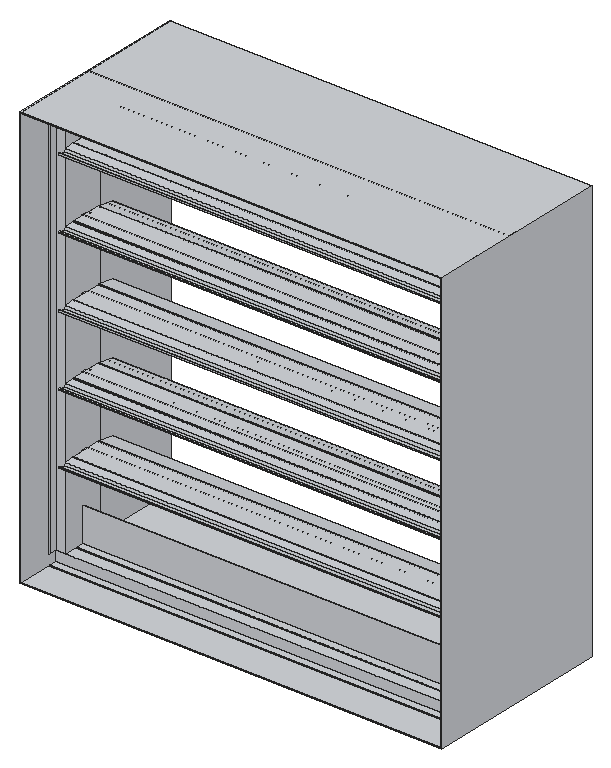
Revit family "FS-AFM-OB-I, FS-AFM-OB-3-I", category Mechanical Equipment, Revit 2015
Parameters
  URL = "http://unitedenertech.com/catalog/pdf/P_43b,%20c%20FS-AFM-OB-I.pdf"
  Type Comments = "Max. Single Section Size is (1.5 Hour Vertical 96\"w x 60\"h), (1.5 Hour Horizontal 32\"w x 30\"h), (3 Hour Vertical 72\"w x 60\"h), (3 Hour Horizontal 32\"w x 30\"h)"
  Model = "F/S-AFM-OB-I, F/S-AFM-OB-3-I"
  Manufacturer = "United Enertech Corporation"
  Keynote = "Actuator Shown In the Air Stream, Consult Factory for Out of the Air Stream Placement in Models."
  Exact Width = 3' - 0"
  Exact Height = 3' - 0"
  Description = "Modulating Combination Fire/Smoke Damper"
  Depth = 1' - 4"
  Blade Spacing = 0' - 6"
  Blade Number [instance] = rounddown((Exact Height - 0' 3") / Blade Spacing)  # 5
  BW [instance] = Exact Width - 0' 2 1/2"  # 2' - 9 1/2"
Reference planes (in)
  plane 1 "Center (Front/Back)": y = 0
  plane 2: z = 0
  plane 3 "Center (Left/Right)": x = 0
  plane 4: z = 36
  plane 5: x = -18
  plane 6: x = 18
  plane 7: z = 0.0359
  plane 8: z = 35.9641
  plane 9: x = -17.9641
  plane 10: x = 17.9641
  plane 11: y = 13
  plane 12: y = -3
  plane 13: y = 5
  plane 14: z = 0.9348
  plane 15: z = 35.0293
  plane 16: x = -17.0293
  plane 17: x = 17.0293
  plane 18: z = 32.27732
  plane 19: y = 4.3098
  plane 20: z = 34.5
  plane 21: z = 23.4428
  plane 22: z = 32.24218
Forms (in)
  Extrusion 1, solid
    sketch origin (0, 0, 0) x (1, 0, 0) y (0, 0, 1)
      loop
        line (-17.9641, 35.9641) -> (-17.9641, 0.0359) -> (17.9641, 0.0359) -> (17.9641, 35.9641) -> (-17.9641, 35.9641)
      loop
        line (-18, 36) -> (-18, 0) -> (18, 0) -> (18, 36) -> (-18, 36)
    from -13 to 3
  Extrusion 2, solid
    sketch origin (23.93472, -8.11588, 0) x (1, 0, 0) y (0, 1, 0)
      loop
        line (-41.83902, 8.11588) -> (-41.83902, 8.17568) -> (-41.83902, 8.80608) -> (-40.96402, 8.80608) -> (-40.96402, 12.42568) -> (-41.83902, 12.42568) -> (-41.83902, 13.05608) -> (-41.83902, 13.11588) -> (-41.89882, 13.11588) -> (-41.89882, 12.36588) -> (-41.02382, 12.36588) -> (-41.02382, 8.86588) -> (-41.89882, 8.86588) -> (-41.89882, 8.11588) -> (-41.83902, 8.11588)
    from 0.9348 to 35.0293
  Extrusion 3, solid
    sketch origin (31.96104, -8.11588, 36.89882) x (0, 0, 1) y (0, 1, 0)
      loop
        line (-36.83902, 8.17568) -> (-36.83902, 8.80608) -> (-35.96402, 8.80608) -> (-35.96402, 12.42568) -> (-36.83902, 12.42568) -> (-36.83902, 13.05608) -> (-36.83902, 13.11588) -> (-36.89882, 13.11588) -> (-36.89882, 12.36588) -> (-36.02382, 12.36588) -> (-36.02382, 8.86588) -> (-36.89882, 8.86588) -> (-36.89882, 8.11588) -> (-36.83902, 8.11588) -> (-36.83902, 8.17568)
    from 13.99694 to 49.92514
  Extrusion 4, solid
    sketch origin (26.89178, -38.52709, 32.33205) x (0, -1, 0) y (0, 0, -1)
      loop
        line (-41.02709, -2.19725) -> (-41.02709, -2.69725) -> (-40.27709, -2.69725) -> (-40.27709, -2.61625) -> (-40.94609, -2.61625) -> (-40.94609, -2.19725) -> (-41.02709, -2.19725)
    from -43.92108 to -9.86248
  Extrusion 5, solid
    sketch origin (62.39247, 5.64851, 0.33329) x (0, 1, 0) y (0, 0, 1)
      loop
        line (-3.14851, 3.60151) -> (-3.22663, 3.60151) -> (-3.22663, 0.67964) -> (-3.89851, 0.67964) -> (-3.89851, 0.60151) -> (-3.14851, 0.60151) -> (-3.14851, 3.60151)
    from -79.42177 to -45.36317
  Extrusion 6, solid
    sketch origin (-23.93472, -8.11588, 0) x (-1, 0, 0) y (0, -1, 0)
      loop
        line (-41.83902, -8.11588) -> (-41.89882, -8.11588) -> (-41.89882, -8.86588) -> (-41.02382, -8.86588) -> (-41.02382, -12.36588) -> (-41.89882, -12.36588) -> (-41.89882, -13.11588) -> (-41.83902, -13.11588) -> (-41.83902, -13.05608) -> (-41.83902, -12.42568) -> (-40.96402, -12.42568) -> (-40.96402, -8.80608) -> (-41.83902, -8.80608) -> (-41.83902, -8.17568) -> (-41.83902, -8.11588)
    from 0.9348 to 35.0293
  Extrusion 7, solid
    sketch origin (31.96104, -8.11588, 11.06528) x (0, 0, -1) y (0, -1, 0)
      loop
        line (-24.83902, -8.17568) -> (-24.83902, -8.11588) -> (-24.89882, -8.11588) -> (-24.89882, -8.86588) -> (-24.02382, -8.86588) -> (-24.02382, -12.36588) -> (-24.89882, -12.36588) -> (-24.89882, -13.11588) -> (-24.83902, -13.11588) -> (-24.83902, -13.05608) -> (-24.83902, -12.42568) -> (-23.96402, -12.42568) -> (-23.96402, -8.80608) -> (-24.83902, -8.80608) -> (-24.83902, -8.17568)
    from 13.99694 to 49.92514
  Extrusion 8, solid
    sketch origin (0, 0, 0) x (0, 1, 0) y (0, 0, 1)
      loop
        line (7.9528, 32.24218) -> (7.6668, 32.24218)
        arc (7.6668, 32.24218) -> (7.8098, 31.71875) -> (7.9528, 32.24218) r 0.28125
    from -17.9641 to 17.9641
Dimensions and locks (in)
  "Exact Height": plane 4 to level
  equal spacing: plane 5, plane 3 "Center (Left/Right)", plane 6
  "Exact Width": plane 5 to plane 6
  locked: plane 7 to level at 0.0359
  locked: plane 4 to plane 8 at 0.0359
  locked: plane 5 to plane 9 at 0.0359
  locked: plane 10 to plane 6 at 0.0359
  locked: plane 1 "Center (Front/Back)" to plane 12 at 3
  "Depth": plane 11 to plane 12
  locked: plane 1 "Center (Front/Back)" to plane 13 at 5
  locked: plane 14 to level at 0.9348
  locked: plane 8 to plane 15 at 0.9348
  locked: plane 16 to plane 9 at 0.9348
  locked: plane 10 to plane 17 at 0.9348
  locked: plane 4 to plane 18 at 3.72268
  equal spacing: group 2, group 3, group 4, group 5, group 6  (x2)
  equal spacing: group 6, group 5, group 4, group 3, group 2
  "Blade Spacing": nested 1 to nested 3
  locked: plane 13 to plane 19 at 0.6902
  locked: plane 4 to plane 20 at 1.5
  locked: plane 4 to plane 21 at 12.5572
  locked: plane 4 to plane 22 at 3.75782
  aligned and locked: level to plane 2
  aligned and locked: Extrusion 1 sketch curve to plane 4
  aligned and locked: level to Extrusion 1 sketch curve
  aligned and locked: Extrusion 1 sketch curve to plane 5
  aligned and locked: Extrusion 1 sketch curve to plane 6
  aligned and locked: Extrusion 1 sketch curve to plane 8
  aligned and locked: plane 7 to Extrusion 1 sketch curve
  aligned and locked: plane 10 to Extrusion 1 sketch curve
  aligned and locked: plane 9 to Extrusion 1 sketch curve
  aligned and locked: plane 11 to Extrusion 1
  aligned and locked: Extrusion 1 to plane 12
  aligned and locked: Extrusion 2 to plane 9
  aligned and locked: Extrusion 6 to plane 10
  aligned and locked: Extrusion 3 to plane 9
  aligned and locked: Extrusion 3 to plane 10
  aligned and locked: Extrusion 6 to plane 14
  aligned and locked: Extrusion 2 to plane 14
  aligned and locked: plane 8 to Extrusion 7
  aligned and locked: plane 15 to Extrusion 6
  aligned and locked: plane 15 to Extrusion 2
  aligned and locked: Extrusion 7 to plane 9
  aligned and locked: Extrusion 7 to plane 10
  aligned and locked: Extrusion 5 to plane 16
  aligned and locked: plane 17 to Extrusion 5
  aligned and locked: Extrusion 7 to plane 15
  aligned and locked: plane 15 to Extrusion 4
  aligned and locked: Extrusion 4 to plane 16
  aligned and locked: plane 17 to Extrusion 4
  aligned and locked: plane 18 to nested 1
  aligned and locked: plane 3 "Center (Left/Right)" to nested 1
  aligned and locked: nested 4 to plane 10
  aligned and locked: plane 9 to nested 5
  aligned and locked: nested 5 to plane 19
  aligned and locked: plane 19 to nested 4
  aligned and locked: Extrusion 8 to plane 10
  aligned and locked: Extrusion 8 to plane 9
  aligned and locked: nested 5 to plane 20
  aligned and locked: plane 20 to nested 4
  aligned and locked: nested 6 to plane 21
  aligned and locked: plane 22 to Extrusion 8
  aligned and locked: plane 17 to nested 6
Automatic sketch dimensions
  Extrusion 2 sketch curve to plane 9 = 0' - 0"  (x2)
  plane 1 "Center (Front/Back)" to Extrusion 2 sketch curve = 0' - 0"
  plane 13 to Extrusion 2 sketch curve = 0' - 0"
  plane 9 to Extrusion 2 sketch curve = 0' - 0.0598"  (x2)
  Extrusion 2 sketch curve to Extrusion 2 sketch curve = 0' - 0.8152"
  Extrusion 2 sketch curve to Extrusion 2 sketch curve = 0' - 0.0598"  (x4)
  Extrusion 2 sketch curve to plane 1 "Center (Front/Back)" = 0' - 0.0598"
  Extrusion 2 sketch curve to Extrusion 2 sketch curve = 0' - 0.6304"
  Extrusion 2 sketch curve to Extrusion 2 sketch curve = 0' - 0 3/4"
  Extrusion 3 sketch curve to level = 0' - 0"  (x2)
  Extrusion 3 sketch curve to plane 1 "Center (Front/Back)" = 0' - 0"
  Extrusion 3 sketch curve to plane 13 = 0' - 0"
  Extrusion 3 sketch curve to plane 14 = 0' - 0"
  plane 7 to Extrusion 3 sketch curve = 0' - 0.0239"  (x2)
  Extrusion 3 sketch curve to plane 14 = 0' - 0.0598"
  Extrusion 3 sketch curve to plane 1 "Center (Front/Back)" = 0' - 0.0598"
  Extrusion 3 sketch curve to Extrusion 3 sketch curve = 0' - 0.6304"
  Extrusion 3 sketch curve to Extrusion 3 sketch curve = 0' - 0.0598"  (x2)
  plane 13 to Extrusion 3 sketch curve = 0' - 0 3/4"
  plane 13 to Extrusion 3 sketch curve = 0' - 0.0598"
  Extrusion 4 sketch curve to plane 8 = 0' - 1.4348"
  plane 12 to Extrusion 4 sketch curve = 0' - 5 1/2"
  Extrusion 4 sketch curve to Extrusion 4 sketch curve = 0' - 0.081"  (x2)
  Extrusion 4 sketch curve to Extrusion 4 sketch curve = 0' - 0.669"
  Extrusion 4 sketch curve to Extrusion 4 sketch curve = 0' - 0.419"
  Extrusion 5 sketch curve to plane 14 = 0' - 0"
  plane 14 to Extrusion 5 sketch curve = 0' - 0 5/64"
  plane 12 to Extrusion 5 sketch curve = 0' - 4 3/4"
  Extrusion 5 sketch curve to Extrusion 5 sketch curve = 0' - 0 43/64"
  Extrusion 5 sketch curve to Extrusion 5 sketch curve = 0' - 0 5/64"
  Extrusion 5 sketch curve to Extrusion 5 sketch curve = 0' - 2 59/64"
  Extrusion 6 sketch curve to plane 10 = 0' - 0"  (x2)
  plane 1 "Center (Front/Back)" to Extrusion 6 sketch curve = 0' - 0"
  plane 13 to Extrusion 6 sketch curve = 0' - 0"
  Extrusion 6 sketch curve to plane 10 = 0' - 0.0598"  (x2)
  Extrusion 6 sketch curve to Extrusion 6 sketch curve = 0' - 0.8152"
  Extrusion 6 sketch curve to Extrusion 6 sketch curve = 0' - 0.0598"  (x3)
  plane 1 "Center (Front/Back)" to Extrusion 6 sketch curve = 0' - 0.0598"
  Extrusion 6 sketch curve to Extrusion 6 sketch curve = 0' - 0.6304"
  Extrusion 6 sketch curve to plane 13 = 0' - 0 3/4"
  Extrusion 6 sketch curve to plane 13 = 0' - 0.0598"
  Extrusion 7 sketch curve to plane 1 "Center (Front/Back)" = 0' - 0"
  Extrusion 7 sketch curve to plane 13 = 0' - 0"
  plane 13 to Extrusion 7 sketch curve = 0' - 0 3/4"
  Extrusion 7 sketch curve to plane 8 = 0' - 0"
  Extrusion 7 sketch curve to Extrusion 7 sketch curve = 0' - 0"
  Extrusion 7 sketch curve to Extrusion 7 sketch curve = 0' - 0.0598"  (x6)
  Extrusion 7 sketch curve to Extrusion 7 sketch curve = 0' - 0.8152"
  Extrusion 7 sketch curve to plane 1 "Center (Front/Back)" = 0' - 0 3/4"
  Extrusion 7 sketch curve to plane 1 "Center (Front/Back)" = 0' - 0.0598"
  Extrusion 8 sketch curve to plane 18 = 0' - 0.27732"
  Extrusion 8 sketch curve to plane 13 = 0' - 2.8098"
  Extrusion 8 sketch curve to plane 18 = 0' - 0 9/256"
  Extrusion 8 sketch curve to Extrusion 8 sketch curve = 0' - 0.143"
Nested families (in)
  nested 1: "160BL" at (0, 2.25251, 30.67097), type "160BL"
    with Blade Width 2' - 9 1/2"
  nested 2: "160BL" at (62.39247, -25.11688, 30.67097), type "160BL", not visible
    with Blade Width 2' - 9 1/2"
  nested 3: "160BL" at (0, 2.25251, 24.67097), type "160BL"
    with Blade Width 2' - 9 1/2"
  nested 4: "Fire Smoke Actuator Bracket" at (18.23913, 4.3098, 33.56141) x (0, 0, 1) z (0, 1, 0), type "Fire Smoke Actuator Bracket"
  nested 5: "Fire Smoke Actuator Bracket" at (-18.23913, 4.3098, 33.56141) x (0, 0, 1) z (0, 1, 0), type "Fire Smoke Actuator Bracket"
  nested 6: "FS-AFB-24-SR" at (14.4993, 7.50014, 25.55611), type "FS-AFB-24-SR"
  nested 7: "160BL" at (0, 2.25251, 18.67097), type "160BL"
    with Blade Width 2' - 9 1/2"
  nested 8: "160BL" at (0, 2.25251, 12.67097), type "160BL"
    with Blade Width 2' - 9 1/2"
  nested 9: "160BL" at (0, 2.25251, 6.67097), type "160BL"
    with Blade Width 2' - 9 1/2"
Definition of nested family "160BL"
  Parameters (values of type "160BL")
    Blade Width = 2' - 0"
  Reference planes (in)
    plane 1 "Center (Front/Back)": y = 0
    plane 2: z = 0
    plane 3 "Center (Left/Right)": x = 0
    plane 4: x = -12
    plane 5: x = 12
    plane 6: x = 13
    plane 7: x = 10
    plane 8: x = -10
    plane 9: x = -13
  Forms (in)
    Extrusion 1, solid
      sketch origin (-29.66395, -41.88595, -4.51752) x (0, -1, 0) y (0, 0, -1)
        loop
          line (-42.3214, -5.69562) -> (-42.3214, -6.04405) -> (-41.94647, -6.04405) -> (-41.94647, -5.69562) -> (-42.3214, -5.69562)
      from 39.66395 to 42.66395
    Extrusion 2, solid
      sketch origin (-29.66395, -42.01854, -6.8342) x (0, -1, 0) y (0, 0, -1)
        loop
          line (-43.46599, -7.97904) -> (-43.51899, -7.97904) -> (-43.51899, -8.39235) -> (-42.90411, -8.41377) -> (-42.50696, -8.41377) -> (-42.50696, -8.36074) -> (-42.90411, -8.36074) -> (-43.46599, -8.34116) -> (-43.46599, -7.97904)
      from 17.66395 to 41.66395
    Extrusion 3, solid
      sketch origin (-29.66395, -42.01854, -6.8342) x (0, -1, 0) y (0, 0, -1)
        loop
          line (-43.41296, -8.32667) -> (-43.41296, -8.03022) -> (-42.89933, -8.01224) -> (-42.50696, -8.01224) -> (-42.50696, -8.41377) -> (-42.02598, -8.41377) -> (-42.02598, -8.0123) -> (-41.62883, -8.0123) -> (-41.11996, -8.03003) -> (-41.11996, -8.32648) -> (-41.06699, -8.32648) -> (-41.06699, -7.97904) -> (-41.63442, -7.95927) -> (-42.07906, -7.95927) -> (-42.07906, -8.36074) -> (-42.45398, -8.36074) -> (-42.45398, -7.95927) -> (-42.90119, -7.95927) -> (-43.46596, -7.97904) -> (-43.46596, -8.32667) -> (-43.41296, -8.32667)
      from 17.66395 to 41.66395
    Extrusion 4, solid
      sketch origin (-29.66395, -42.01854, -6.8342) x (0, -1, 0) y (0, 0, -1)
        loop
          line (-42.45398, -7.95927) -> (-42.45398, -8.01224) -> (-42.07906, -8.01224) -> (-42.07906, -7.95927) -> (-42.45398, -7.95927)
      from 17.66395 to 41.66395
    Extrusion 5, solid
      sketch origin (-29.66395, -42.01854, -6.8342) x (0, -1, 0) y (0, 0, -1)
        loop
          line (-41.06705, -7.97904) -> (-41.06705, -8.34116) -> (-41.62893, -8.36074) -> (-42.02598, -8.36074) -> (-42.02598, -8.41377) -> (-41.62893, -8.41377) -> (-41.01405, -8.39235) -> (-41.01405, -7.97904) -> (-41.06705, -7.97904)
      from 17.66395 to 41.66395
    Extrusion 6, solid
      sketch origin (-29.66395, -42.01854, -6.8342) x (0, -1, 0) y (0, 0, -1)
        loop
          line (-45.11444, -8.04212) -> (-45.14143, -8.06102) -> (-45.14143, -8.15472) -> (-43.65311, -8.44766) -> (-43.61881, -8.3631) -> (-43.58593, -8.44056) -> (-40.94517, -8.44056) -> (-40.91325, -8.36156) -> (-40.87962, -8.44109) -> (-40.06454, -8.37558) -> (-40.01199, -8.16476) -> (-39.44168, -8.27557) -> (-39.41851, -8.2524) -> (-40.03184, -8.13323) -> (-40.08641, -8.35172) -> (-40.86, -8.41376) -> (-40.88095, -8.33556) -> (-40.94478, -8.33556) -> (-40.96652, -8.41377) -> (-43.56615, -8.41377) -> (-43.58705, -8.33578) -> (-43.65168, -8.33578) -> (-43.67323, -8.41619) -> (-45.11444, -8.13252) -> (-45.11444, -8.04212)
      from 17.66395 to 41.66395
    Extrusion 7, solid
      sketch origin (-29.66395, 42.51351, 9.53877) x (0, 1, 0) y (0, 0, 1)
        loop
          line (-45.11444, -8.04212) -> (-45.14143, -8.06102) -> (-45.14143, -8.15472) -> (-43.65311, -8.44766) -> (-43.61881, -8.3631) -> (-43.58593, -8.44056) -> (-40.94517, -8.44056) -> (-40.91325, -8.36156) -> (-40.87962, -8.44109) -> (-40.06454, -8.37558) -> (-40.01199, -8.16476) -> (-39.44168, -8.27557) -> (-39.41851, -8.2524) -> (-40.03184, -8.13323) -> (-40.08641, -8.35172) -> (-40.86, -8.41376) -> (-40.88095, -8.33556) -> (-40.94478, -8.33556) -> (-40.96652, -8.41377) -> (-43.56615, -8.41377) -> (-43.58705, -8.33578) -> (-43.65168, -8.33578) -> (-43.67323, -8.41619) -> (-45.11444, -8.13252) -> (-45.11444, -8.04212)
      from 17.66395 to 41.66395
    Extrusion 8, solid
      sketch origin (-63.16395, -41.88595, -4.51752) x (0, -1, 0) y (0, 0, -1)
        loop
          line (-42.3214, -5.69562) -> (-42.3214, -6.04405) -> (-41.94647, -6.04405) -> (-41.94647, -5.69562) -> (-42.3214, -5.69562)
      from 50.16395 to 53.16395
  Dimensions and locks (in)
    equal spacing: plane 4, plane 3 "Center (Left/Right)", plane 5
    "Blade Width": plane 4 to plane 5
    locked: plane 7 to plane 5 at 2
    locked: plane 5 to plane 6 at 1
    locked: plane 4 to plane 8 at 2
    locked: plane 9 to plane 4 at 1
    aligned and locked: level to plane 2
    aligned and locked: plane 5 to Extrusion 6
    aligned and locked: plane 5 to Extrusion 7
    aligned and locked: plane 5 to Extrusion 5
    aligned and locked: plane 5 to Extrusion 3
    aligned and locked: plane 5 to Extrusion 2
    aligned and locked: Extrusion 1 to plane 6
    aligned and locked: plane 5 to Extrusion 4
    aligned and locked: plane 7 to Extrusion 1
    aligned and locked: Extrusion 8 to plane 9
    aligned and locked: Extrusion 8 to plane 8
    aligned and locked: plane 4 to Extrusion 6
    aligned and locked: plane 4 to Extrusion 7
    aligned and locked: plane 4 to Extrusion 2
    aligned and locked: plane 4 to Extrusion 3
    aligned and locked: plane 4 to Extrusion 5
    aligned and locked: plane 4 to Extrusion 4
  Automatic sketch dimensions
    Extrusion 1 sketch curve to plane 1 "Center (Front/Back)" = 0' - 0.43545"
    Extrusion 1 sketch curve to plane 1 "Center (Front/Back)" = 0' - 0.06052"
    level to Extrusion 1 sketch curve = 0' - 1.52654"
    Extrusion 1 sketch curve to Extrusion 1 sketch curve = 0' - 0.34843"
    Extrusion 2 sketch curve to plane 1 "Center (Front/Back)" = 0' - 1.50045"
    Extrusion 2 sketch curve to Extrusion 2 sketch curve = 0' - 0.053"
    Extrusion 2 sketch curve to Extrusion 2 sketch curve = 0' - 0.56188"
    Extrusion 2 sketch curve to Extrusion 2 sketch curve = 0' - 0"
    Extrusion 2 sketch curve to Extrusion 2 sketch curve = 0' - 0.39715"
    level to Extrusion 2 sketch curve = 0' - 1.57957"
    Extrusion 2 sketch curve to Extrusion 2 sketch curve = 0' - 0.02142"
    Extrusion 2 sketch curve to Extrusion 2 sketch curve = 0' - 0.05303"
    Extrusion 2 sketch curve to Extrusion 2 sketch curve = 0' - 0.05119"
    Extrusion 2 sketch curve to Extrusion 2 sketch curve = 0' - 0.36212"
    Extrusion 3 sketch curve to plane 1 "Center (Front/Back)" = 0' - 1.44742"
    Extrusion 3 sketch curve to Extrusion 3 sketch curve = 0' - 0.053"
    Extrusion 3 sketch curve to Extrusion 3 sketch curve = 0' - 0.51177"
    Extrusion 3 sketch curve to Extrusion 3 sketch curve = 0' - 0.00185"
    Extrusion 3 sketch curve to plane 1 "Center (Front/Back)" = 0' - 0.48842"
    Extrusion 3 sketch curve to Extrusion 3 sketch curve = 0' - 0.05297"  (x3)
    Extrusion 3 sketch curve to plane 1 "Center (Front/Back)" = 0' - 0.06052"
    Extrusion 3 sketch curve to plane 1 "Center (Front/Back)" = 0' - 0.00745"
    plane 1 "Center (Front/Back)" to Extrusion 3 sketch curve = 0' - 0.38411"
    Extrusion 3 sketch curve to Extrusion 3 sketch curve = 0' - 0.00559"
    Extrusion 3 sketch curve to Extrusion 3 sketch curve = 0' - 0.50887"
    level to Extrusion 3 sketch curve = 0' - 1.57957"
    Extrusion 3 sketch curve to Extrusion 3 sketch curve = 0' - 0.05303"  (x2)
    Extrusion 3 sketch curve to Extrusion 3 sketch curve = 0' - 0.0871"
    Extrusion 3 sketch curve to Extrusion 3 sketch curve = 0' - 0.08729"
    Extrusion 3 sketch curve to Extrusion 3 sketch curve = 0' - 0.29645"  (x2)
    Extrusion 3 sketch curve to Extrusion 3 sketch curve = 0' - 0.34843"
    Extrusion 3 sketch curve to Extrusion 3 sketch curve = 0' - 0.01798"
    Extrusion 3 sketch curve to Extrusion 3 sketch curve = 0' - 0.05099"
    Extrusion 3 sketch curve to Extrusion 3 sketch curve = 0' - 0.05118"
    Extrusion 4 sketch curve to plane 1 "Center (Front/Back)" = 0' - 0.43545"
    Extrusion 4 sketch curve to plane 1 "Center (Front/Back)" = 0' - 0.06052"
    level to Extrusion 4 sketch curve = 0' - 1.17804"
    Extrusion 4 sketch curve to Extrusion 4 sketch curve = 0' - 0.05297"
    Extrusion 5 sketch curve to plane 1 "Center (Front/Back)" = 0' - 0.00745"
    plane 1 "Center (Front/Back)" to Extrusion 5 sketch curve = 0' - 0.3896"
    Extrusion 5 sketch curve to Extrusion 5 sketch curve = 0' - 0"
    Extrusion 5 sketch curve to Extrusion 5 sketch curve = 0' - 0.56188"
    Extrusion 5 sketch curve to Extrusion 5 sketch curve = 0' - 0.053"
    level to Extrusion 5 sketch curve = 0' - 1.57957"
    Extrusion 5 sketch curve to Extrusion 5 sketch curve = 0' - 0.02142"
    Extrusion 5 sketch curve to Extrusion 5 sketch curve = 0' - 0.05303"
    Extrusion 5 sketch curve to Extrusion 5 sketch curve = 0' - 0.05119"
    Extrusion 5 sketch curve to Extrusion 5 sketch curve = 0' - 0.36212"
    level to Extrusion 6 sketch curve = 0' - 1.32052"
    Extrusion 6 sketch curve to plane 1 "Center (Front/Back)" = 0' - 3.12289"
    level to Extrusion 6 sketch curve = 0' - 1.20792"
    Extrusion 6 sketch curve to Extrusion 6 sketch curve = 0' - 0.02699"
    Extrusion 6 sketch curve to Extrusion 6 sketch curve = 0' - 1.44121"
    Extrusion 6 sketch curve to Extrusion 6 sketch curve = 0' - 0.02012"
    Extrusion 6 sketch curve to Extrusion 6 sketch curve = 0' - 0.02155"
    Extrusion 6 sketch curve to Extrusion 6 sketch curve = 0' - 0.03287"
    Extrusion 6 sketch curve to Extrusion 6 sketch curve = 0' - 0.03176"
    Extrusion 6 sketch curve to Extrusion 6 sketch curve = 0' - 0.06717"
    Extrusion 6 sketch curve to Extrusion 6 sketch curve = 0' - 0.01978"
    plane 1 "Center (Front/Back)" to Extrusion 6 sketch curve = 0' - 1.05202"
    Extrusion 6 sketch curve to Extrusion 6 sketch curve = 0' - 0.02136"
    Extrusion 6 sketch curve to Extrusion 6 sketch curve = 0' - 0.02174"
    Extrusion 6 sketch curve to Extrusion 6 sketch curve = 0' - 0.03153"  (x2)
    Extrusion 6 sketch curve to Extrusion 6 sketch curve = 0' - 0.0323"
    Extrusion 6 sketch curve to Extrusion 6 sketch curve = 0' - 0.06554"
    Extrusion 6 sketch curve to Extrusion 6 sketch curve = 0' - 0.01963"
    Extrusion 6 sketch curve to Extrusion 6 sketch curve = 0' - 0.77359"
    Extrusion 6 sketch curve to Extrusion 6 sketch curve = 0' - 0.02187"
    Extrusion 6 sketch curve to Extrusion 6 sketch curve = 0' - 0.05457"
    Extrusion 6 sketch curve to Extrusion 6 sketch curve = 0' - 0.01985"
    Extrusion 6 sketch curve to Extrusion 6 sketch curve = 0' - 0 73/128"
    Extrusion 6 sketch curve to Extrusion 6 sketch curve = 0' - 0.02317"  (x2)
    level to Extrusion 6 sketch curve = 0' - 1.33056"
    Extrusion 6 sketch curve to Extrusion 6 sketch curve = 0' - 0.08764"
    Extrusion 6 sketch curve to Extrusion 6 sketch curve = 0' - 0.1708"
    level to Extrusion 6 sketch curve = 0' - 1.50158"
    Extrusion 6 sketch curve to Extrusion 6 sketch curve = 0' - 0.18696"
    Extrusion 6 sketch curve to Extrusion 6 sketch curve = 0' - 0.02601"
    Extrusion 6 sketch curve to Extrusion 6 sketch curve = 0' - 0 7/256"  (x2)
    Extrusion 6 sketch curve to Extrusion 6 sketch curve = 0' - 0.02386"
    Extrusion 6 sketch curve to Extrusion 6 sketch curve = 0' - 0.05219"
    Extrusion 6 sketch curve to Extrusion 6 sketch curve = 0' - 0.05067"
    Extrusion 6 sketch curve to Extrusion 6 sketch curve = 0' - 0.05309"
    Extrusion 6 sketch curve to Extrusion 6 sketch curve = 0' - 0.02679"
    Extrusion 6 sketch curve to Extrusion 6 sketch curve = 0' - 0.03147"
    Extrusion 6 sketch curve to Extrusion 6 sketch curve = 0' - 0.0222"
    Extrusion 6 sketch curve to Extrusion 6 sketch curve = 0' - 0.0189"
    plane 1 "Center (Front/Back)" to Extrusion 7 sketch curve = 0' - 2.62792"
    Extrusion 7 sketch curve to Extrusion 7 sketch curve = 0' - 0.02699"
    plane 1 "Center (Front/Back)" to Extrusion 7 sketch curve = 0' - 1.15972"
    Extrusion 7 sketch curve to Extrusion 7 sketch curve = 0' - 0.02012"
    Extrusion 7 sketch curve to Extrusion 7 sketch curve = 0' - 0.02155"
    Extrusion 7 sketch curve to Extrusion 7 sketch curve = 0' - 0.03287"
    Extrusion 7 sketch curve to Extrusion 7 sketch curve = 0' - 0.03176"
    Extrusion 7 sketch curve to Extrusion 7 sketch curve = 0' - 0.06717"
    Extrusion 7 sketch curve to Extrusion 7 sketch curve = 0' - 0.01978"
    Extrusion 7 sketch curve to plane 1 "Center (Front/Back)" = 0' - 1.54699"
    Extrusion 7 sketch curve to Extrusion 7 sketch curve = 0' - 0.02136"
    Extrusion 7 sketch curve to Extrusion 7 sketch curve = 0' - 0.02174"
    Extrusion 7 sketch curve to Extrusion 7 sketch curve = 0' - 0.03153"  (x2)
    Extrusion 7 sketch curve to Extrusion 7 sketch curve = 0' - 0.0323"
    Extrusion 7 sketch curve to Extrusion 7 sketch curve = 0' - 0.06554"
    Extrusion 7 sketch curve to Extrusion 7 sketch curve = 0' - 0.01963"
    level to Extrusion 7 sketch curve = 0' - 1.18705"
    Extrusion 7 sketch curve to Extrusion 7 sketch curve = 0' - 0.77359"
    level to Extrusion 7 sketch curve = 0' - 1.16319"
    Extrusion 7 sketch curve to Extrusion 7 sketch curve = 0' - 0.02187"
    Extrusion 7 sketch curve to Extrusion 7 sketch curve = 0' - 0.05457"
    Extrusion 7 sketch curve to Extrusion 7 sketch curve = 0' - 0.01985"
    level to Extrusion 7 sketch curve = 0' - 1.2632"
    Extrusion 7 sketch curve to Extrusion 7 sketch curve = 0' - 0 73/128"
    level to Extrusion 7 sketch curve = 0' - 1.28637"
    Extrusion 7 sketch curve to Extrusion 7 sketch curve = 0' - 0.02317"
    Extrusion 7 sketch curve to Extrusion 7 sketch curve = 0' - 0.06204"
    level to Extrusion 7 sketch curve = 0' - 1 1/8"
    Extrusion 7 sketch curve to Extrusion 7 sketch curve = 0' - 0.00242"
    Extrusion 7 sketch curve to Extrusion 7 sketch curve = 0' - 0.02679"
    Extrusion 7 sketch curve to Extrusion 7 sketch curve = 0' - 0 7/256"  (x2)
    Extrusion 7 sketch curve to Extrusion 7 sketch curve = 0' - 0.03147"
    Extrusion 7 sketch curve to Extrusion 7 sketch curve = 0' - 0.05067"
    Extrusion 7 sketch curve to Extrusion 7 sketch curve = 0' - 0.05219"
    Extrusion 7 sketch curve to Extrusion 7 sketch curve = 0' - 0.02601"
    Extrusion 7 sketch curve to Extrusion 7 sketch curve = 0' - 0.18696"
    level to Extrusion 7 sketch curve = 0' - 1.38405"
    Extrusion 7 sketch curve to Extrusion 7 sketch curve = 0' - 0.0222"
    Extrusion 7 sketch curve to Extrusion 7 sketch curve = 0' - 0.07151"
    Extrusion 7 sketch curve to Extrusion 7 sketch curve = 0' - 0.0189"
    Extrusion 8 sketch curve to plane 1 "Center (Front/Back)" = 0' - 0.43545"
    Extrusion 8 sketch curve to plane 1 "Center (Front/Back)" = 0' - 0.06052"
    level to Extrusion 8 sketch curve = 0' - 1.52654"
    Extrusion 8 sketch curve to Extrusion 8 sketch curve = 0' - 0.34843"
Definition of nested family "Fire Smoke Actuator Bracket"
  Reference planes (in)
    plane 1 "Center (Front/Back)": y = 0
    plane 2: z = 0
    plane 3 "Center (Left/Right)": x = 0
  Forms (in)
    Extrusion 1, solid
      sketch origin (54.09185, -14.49387, 0) x (1, 0, 0) y (0, 1, 0)
        loop
          line (-53.15326, 14.21883) -> (-53.90326, 14.21883) -> (-53.90326, 14.00399) -> (-57.40326, 14.00399) -> (-57.40326, 14.21883) -> (-58.15326, 14.21883) -> (-58.15326, 14.18293) -> (-57.43842, 14.18293) -> (-57.43842, 13.96883) -> (-53.8681, 13.96883) -> (-53.8681, 14.18293) -> (-53.15326, 14.18293) -> (-53.15326, 14.21883)
      from 0 to 5
    Extrusion 2, void
      sketch origin (0, 0, 0) x (1, 0, 0) y (0, 0, 1)
        loop
          circle (-1.56141, 3.5) r 0.28125
      from 0 to 1.04299
  Cuts and joins
    Extrusion 2 cuts Extrusion 1
  Dimensions and locks (in)
    aligned and locked: level to plane 2
Definition of nested family "FS-AFB-24-SR"
  Reference planes (in)
    plane 1 "Center (Front/Back)": y = 0
    plane 2: z = 0
    plane 3 "Center (Left/Right)": x = 0
  Forms (in)
    Extrusion 1, solid
      sketch origin (0, 3.01059, 2.37313) x (0, 0, 1) y (0, -1, 0)
        loop
          arc (5.17694, 4.14515) -> (5.10142, 4.28392) -> (4.96096, 4.35623) r 0.2686
          line (4.96096, 4.35623) -> (3.43874, 4.62464) -> (-2.18351, 4.62464) -> (-2.26822, 4.56531)
          arc (-2.26822, 4.56531) -> (-2.43176, 2.69204) -> (-2.26838, 0.81876) r 10.81583
          line (-2.26838, 0.81876) -> (-2.18351, 0.75907) -> (3.43874, 0.75907) -> (4.96096, 1.02748)
          arc (4.96096, 1.02748) -> (5.102, 1.0992) -> (5.17694, 1.23856) r 0.26473
          arc (5.17694, 1.23856) -> (5.32072, 2.69186) -> (5.17694, 4.14515) r 7.41658
      from 0 to 2.2
    Extrusion 2, solid
      sketch origin (0, 3.01059, 2.37313) x (0, 0, 1) y (0, -1, 0)
        loop
          arc (5.05669, 4.10523) -> (5.01725, 4.18617) -> (4.93994, 4.23236) r 0.15775
          line (4.93994, 4.23236) -> (3.43117, 4.49824) -> (2.81173, 4.49842) -> (2.61827, 4.28208) -> (-1.3684, 4.28208)
          arc (-1.3684, 4.28208) -> (-1.45627, 4.25534) -> (-1.51435, 4.1842) r 0.15775
          line (-1.51435, 4.1842) -> (-1.6376, 3.44628)
          arc (-1.6376, 3.44628) -> (-1.6846, 3.35785) -> (-1.77537, 3.31552) r 0.15777
          line (-1.77537, 3.31552) -> (-2.91413, 3.18584)
          arc (-2.91413, 3.18584) -> (-3.03319, 3.00107) -> (-3.0935, 2.78969) r 0.74916
          line (-3.0935, 2.78969) -> (-2.71721, 2.78969)
          arc (-2.71721, 2.78969) -> (-2.61804, 2.69052) -> (-2.71721, 2.59135) r 0.09917
          line (-2.71721, 2.59135) -> (-3.09309, 2.59135)
          arc (-3.09309, 2.59135) -> (-3.02949, 2.37501) -> (-2.9044, 2.1874) r 0.74916
          line (-2.9044, 2.1874) -> (-1.77537, 2.05883)
          arc (-1.77537, 2.05883) -> (-1.68459, 2.01649) -> (-1.6376, 1.92803) r 0.15777
          line (-1.6376, 1.92803) -> (-1.52615, 1.25979)
          arc (-1.52615, 1.25979) -> (-1.47995, 1.14825) -> (-1.3684, 1.10204) r 0.15775
          line (-1.3684, 1.10204) -> (2.61827, 1.10204) -> (2.81173, 0.88571) -> (3.43117, 0.88588) -> (4.93994, 1.15177)
          arc (4.93994, 1.15177) -> (5.01552, 1.1961) -> (5.05578, 1.27393) r 0.15775
          arc (5.05578, 1.27393) -> (5.19519, 2.68953) -> (5.05669, 4.10523) r 7.28061
        loop
          circle (3.00151, 1.11693) r 0.17985
        loop
          circle (4.60141, 3.83291) r 0.35563
        loop
          circle (3.00687, 4.26733) r 0.17985
        loop
          circle (-2.32365, 2.69232) r 0.15729
        loop
          circle (-1.08247, 2.68717) r 0.37144
        loop
          line (-1.06282, 1.24571) -> (-0.56665, 1.24571)
          arc (-0.56665, 1.24571) -> (-0.2192, 1.59315) -> (-0.56665, 1.9406) r 0.34744
          line (-0.56665, 1.9406) -> (-1.06282, 1.9406)
          arc (-1.06282, 1.9406) -> (-1.41026, 1.59315) -> (-1.06282, 1.24571) r 0.34744
        loop
          line (-1.06282, 3.45232) -> (-0.56665, 3.45232)
          arc (-0.56665, 3.45232) -> (-0.2192, 3.79977) -> (-0.56665, 4.14721) r 0.34744
          line (-0.56665, 4.14721) -> (-1.06282, 4.14721)
          arc (-1.06282, 4.14721) -> (-1.41026, 3.79977) -> (-1.06282, 3.45232) r 0.34744
      from 0 to -0.08
    Extrusion 3, solid
      sketch origin (0, 3.01059, 2.37313) x (0, 0, 1) y (0, -1, 0)
        loop
          arc (5.05669, 4.10523) -> (5.01725, 4.18617) -> (4.93994, 4.23236) r 0.15775
          line (4.93994, 4.23236) -> (3.43117, 4.49824) -> (2.81173, 4.49842) -> (2.61827, 4.28208) -> (-1.3684, 4.28208)
          arc (-1.3684, 4.28208) -> (-1.45627, 4.25534) -> (-1.51435, 4.1842) r 0.15775
          line (-1.51435, 4.1842) -> (-1.6376, 3.44628)
          arc (-1.6376, 3.44628) -> (-1.6846, 3.35785) -> (-1.77537, 3.31552) r 0.15777
          line (-1.77537, 3.31552) -> (-2.91413, 3.18584)
          arc (-2.91413, 3.18584) -> (-3.03319, 3.00107) -> (-3.0935, 2.78969) r 0.74916
          line (-3.0935, 2.78969) -> (-2.71721, 2.78969)
          arc (-2.71721, 2.78969) -> (-2.61804, 2.69052) -> (-2.71721, 2.59135) r 0.09917
          line (-2.71721, 2.59135) -> (-3.09309, 2.59135)
          arc (-3.09309, 2.59135) -> (-3.02949, 2.37501) -> (-2.9044, 2.1874) r 0.74916
          line (-2.9044, 2.1874) -> (-1.77537, 2.05883)
          arc (-1.77537, 2.05883) -> (-1.68459, 2.01649) -> (-1.6376, 1.92803) r 0.15777
          line (-1.6376, 1.92803) -> (-1.52615, 1.25979)
          arc (-1.52615, 1.25979) -> (-1.47995, 1.14825) -> (-1.3684, 1.10204) r 0.15775
          line (-1.3684, 1.10204) -> (2.61827, 1.10204) -> (2.81173, 0.88571) -> (3.43117, 0.88588) -> (4.93994, 1.15177)
          arc (4.93994, 1.15177) -> (5.01552, 1.1961) -> (5.05578, 1.27393) r 0.15775
          arc (5.05578, 1.27393) -> (5.19519, 2.68953) -> (5.05669, 4.10523) r 7.28061
        loop
          circle (3.00151, 1.11693) r 0.17985
        loop
          circle (4.60141, 3.83291) r 0.35563
        loop
          circle (3.00687, 4.26733) r 0.17985
        loop
          circle (-2.32365, 2.69232) r 0.15729
        loop
          circle (-1.08247, 2.68717) r 0.37144
        loop
          line (-1.06282, 1.24571) -> (-0.56665, 1.24571)
          arc (-0.56665, 1.24571) -> (-0.2192, 1.59315) -> (-0.56665, 1.9406) r 0.34744
          line (-0.56665, 1.9406) -> (-1.06282, 1.9406)
          arc (-1.06282, 1.9406) -> (-1.41026, 1.59315) -> (-1.06282, 1.24571) r 0.34744
        loop
          line (-1.06282, 3.45232) -> (-0.56665, 3.45232)
          arc (-0.56665, 3.45232) -> (-0.2192, 3.79977) -> (-0.56665, 4.14721) r 0.34744
          line (-0.56665, 4.14721) -> (-1.06282, 4.14721)
          arc (-1.06282, 4.14721) -> (-1.41026, 3.79977) -> (-1.06282, 3.45232) r 0.34744
      from 2.28 to 2.2
    Revolve 4, solid
      sketch origin (0.38075, 3.11079, 2.27264) x (0, 0, 1) y (0, -1, 0)
        loop
          line (-1.6464, 1.50853) -> (-4.58277, 1.50853) -> (-4.58277, 1.38895) -> (-4.38595, 1.3888) -> (-4.38595, 0.98233) -> (-3.71316, 0.98233) -> (-3.71316, 1.06013) -> (-3.46316, 1.06013) -> (-3.46316, 0.99553) -> (-3.42649, 0.99553)
          arc (-3.42649, 0.99553) -> (-3.41021, 0.98362) -> (-3.39393, 0.99553) r 0.01708
          line (-3.39393, 0.99553) -> (-3.34037, 0.99553)
          arc (-3.34037, 0.99553) -> (-3.3241, 0.98362) -> (-3.30782, 0.99553) r 0.01708
          line (-3.30782, 0.99553) -> (-3.25426, 0.99553)
          arc (-3.25426, 0.99553) -> (-3.23799, 0.98362) -> (-3.22171, 0.99553) r 0.01708
          line (-3.22171, 0.99553) -> (-3.16815, 0.99553)
          arc (-3.16815, 0.99553) -> (-3.15187, 0.98362) -> (-3.1356, 0.99553) r 0.01708
          line (-3.1356, 0.99553) -> (-3.08204, 0.99553)
          arc (-3.08204, 0.99553) -> (-3.06576, 0.98362) -> (-3.04949, 0.99553) r 0.01708
          line (-3.04949, 0.99553) -> (-2.74867, 0.99553) -> (-2.74867, 1.11419) -> (-2.71756, 1.11419) -> (-2.71756, 0.97626) -> (-1.6464, 0.97626) -> (-1.6464, 1.50853)
        axis (-1.6464, 1.50853) -> (-4.58277, 1.50853)
      angle from 0 to 360
    Revolve 5, solid
      sketch origin (0.38075, -2.47065, 2.27264) x (0, 0, 1) y (0, -1, 0)
        loop
          line (-1.6464, -1.50853) -> (-1.6464, -0.97626) -> (-2.71756, -0.97626) -> (-2.71756, -1.11419) -> (-2.74867, -1.11419) -> (-2.74867, -0.99553) -> (-3.04949, -0.99553)
          arc (-3.04949, -0.99553) -> (-3.06576, -0.98362) -> (-3.08204, -0.99553) r 0.01708
          line (-3.08204, -0.99553) -> (-3.1356, -0.99553)
          arc (-3.1356, -0.99553) -> (-3.15187, -0.98362) -> (-3.16815, -0.99553) r 0.01708
          line (-3.16815, -0.99553) -> (-3.22171, -0.99553)
          arc (-3.22171, -0.99553) -> (-3.23799, -0.98362) -> (-3.25426, -0.99553) r 0.01708
          line (-3.25426, -0.99553) -> (-3.30782, -0.99553)
          arc (-3.30782, -0.99553) -> (-3.3241, -0.98362) -> (-3.34037, -0.99553) r 0.01708
          line (-3.34037, -0.99553) -> (-3.39393, -0.99553)
          arc (-3.39393, -0.99553) -> (-3.41021, -0.98362) -> (-3.42649, -0.99553) r 0.01708
          line (-3.42649, -0.99553) -> (-3.46316, -0.99553) -> (-3.46316, -1.06013) -> (-3.71316, -1.06013) -> (-3.71316, -0.98233) -> (-4.38595, -0.98233) -> (-4.38595, -1.3888) -> (-4.58277, -1.38895) -> (-4.58277, -1.50853) -> (-1.6464, -1.50853)
        axis (-1.6464, -1.50853) -> (-4.58277, -1.50853)
      angle from 0 to 360
    Extrusion 6, solid
      sketch origin (0, 3.01059, 2.37313) x (0, 0, 1) y (0, -1, 0)
        loop
          circle (4.06027, 2.70093) r 0.90921
        loop
          circle (4.06027, 2.70093) r 0.76253
      from 2.53 to -0.33
    Extrusion 7, solid
      sketch origin (0, 3.01059, 2.37313) x (0, 0, 1) y (0, -1, 0)
        loop
          line (3.55094, 4.09474) -> (4.49646, 3.0032) -> (4.45067, 2.20426) -> (3.69895, 2.30327) -> (2.75161, 3.40295) -> (2.57266, 3.24805) -> (3.5638, 2.10384) -> (4.47707, 1.99337)
          arc (4.47707, 1.99337) -> (4.61655, 2.05914) -> (4.70451, 2.1858) r 0.29812
          line (4.70451, 2.1858) -> (4.71841, 3.10215) -> (3.72989, 4.24964) -> (3.55094, 4.09474)
      from -0.62789 to -0.42789
    Extrusion 8, solid
      sketch origin (0, 3.01059, 2.37313) x (0, 0, 1) y (0, -1, 0)
        loop
          line (4.29797, 4.01838) -> (4.20264, 4.12876) -> (2.63971, 2.77891) -> (2.74493, 2.67369) -> (3.06142, 2.66898) -> (3.24141, 2.46124)
          arc (3.24141, 2.46124) -> (3.42353, 2.4293) -> (3.521, 2.58643) r 0.16504
          arc (3.521, 2.58643) -> (3.69967, 3.1318) -> (4.26379, 3.23725) r 0.5631
          arc (4.26379, 3.23725) -> (4.43789, 3.30548) -> (4.43541, 3.49245) r 0.16432
          line (4.43541, 3.49245) -> (4.25607, 3.70075) -> (4.29797, 4.01838)
      from -0.84254 to -0.74254
    Extrusion 9, solid
      sketch origin (0, 3.01059, 2.37313) x (0, 0, 1) y (0, -1, 0)
        loop
          line (2.63971, 2.77891) -> (2.71061, 2.70801) -> (4.26806, 4.0497) -> (4.20279, 4.12546) -> (2.63971, 2.77891)
      from -0.74254 to -0.08
    Extrusion 10, void
      sketch origin (0, 3.01059, 2.37313) x (0, 0, 1) y (0, -1, 0)
        loop
          circle (4.06027, 2.70093) r 0.76253
      from -0.24747 to 2.44131
  Cuts and joins
    Extrusion 10 cuts Extrusion 1
    Extrusion 10 cuts Extrusion 2
    Extrusion 10 cuts Extrusion 6
    Extrusion 10 cuts Extrusion 3
  Dimensions and locks (in)
    aligned and locked: level to plane 2
